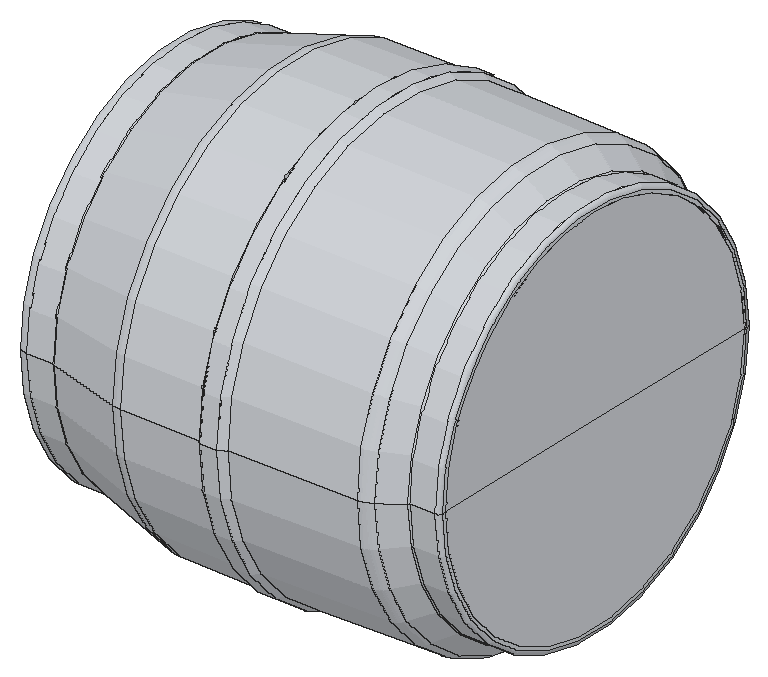
Revit family "BVN_BDTX", category Mechanical Equipment, Revit 2019
Family settings
  Round Connector Dimension = Use Diameter
  Part Type = Breaks Into
  OmniClass Number = 23.75.00.00
  OmniClass Title = Climate Control (HVAC)
  Work Plane-Based = No
  Always vertical = Yes
  Cut with Voids When Loaded = No
  Shared = No
  Room Calculation Point = No
Parameters (values of type "BDTX 355-A")
  Weight = 9.00 kg
  Voltage = 230 V
  URL = "http://www.bahcivanmotor.com.tr/"
  Speed ( d/d ) = 1650
  Sound Pressure Level dB(A) = 45
  Q = 355 mm
  Protection Class = 44
  Power = 165 W
  Model = "BDTX"
  Material = none
  Manufacturer = "Bahçıvan Elektrik Motor San. ve Tic. Ltd. Şti."
  Insulation Class = "F"
  Frequency = 50 Hz
  Description = "Duct Fan"
  D = 378 mm
  Capacitor = 3
  BDTX 355 = yes
  BDTX 315A = no
  BDTX 250A = no
  BDTX 200A = no
  BDTX 160 = no
  BDTX 150 = no
  BDTX 125 = no
  BDTX 100 = no
  Air Flow = 1530.0 m³/h
  Current = 0.73 A
Types (12, lengths in mm): name | Weight | Speed ( d/d ) | Sound Pressure Level dB(A) | Q | Power | Insulation Class | D | Capacitor | BDTX 355 | BDTX 315A | BDTX 250A | BDTX 200A | BDTX 160 | BDTX 150 | BDTX 125 | BDTX 100 | Air Flow | Current
  BDTX 100 | 2.60 kg | 2960 | 44 | 100 | 60 W | "B" | 197 | 2 | no | no | no | no | no | no | no | yes | 275.0 m³/h | 0.3 A
  BDTX 125 | 2.70 kg | 2325 | 43 | 125 | 80 W | "B" | 188 | 2.5 | no | no | no | no | no | no | yes | no | 315.0 m³/h | 0.4 A
  BDTX 150 | 3.00 kg | 2450 | 46 | 150 | 78 W | "B" | 192 | 2.5 | no | no | no | no | no | yes | no | no | 420.0 m³/h | 0.4 A
  BDTX 160 | 3.20 kg | 2550 | 45 | 160 | 85 W | "B" | 192 | 2.5 | no | no | no | no | yes | no | no | no | 440.0 m³/h | 0.4 A
  BDTX 200A | 4.40 kg | 2300 | 46 | 200 | 90 W | "B" | 230 | 2.5 | no | no | no | yes | no | no | no | no | 735.0 m³/h | 0.43 A
  BDTX 200B | 4.80 kg | 2720 | 48 | 200 | 130 W | "B" | 230 | 4 | no | no | no | yes | no | no | no | no | 935.0 m³/h | 0.68 A
  BDTX 250A | 4.90 kg | 2400 | 45 | 250 | 140 W | "B" | 227 | 4 | no | no | yes | no | no | no | no | no | 1010.0 m³/h | 0.69 A
  BDTX 250B | 5.30 kg | 2650 | 47 | 250 | 200 W | "B" | 227 | 6 | no | no | yes | no | no | no | no | no | 1150.0 m³/h | 1.04 A
  BDTX 315A | 6.80 kg | 2400 | 48 | 315 | 210 W | "B" | 285 | 6 | no | yes | no | no | no | no | no | no | 1450.0 m³/h | 1.1 A
  BDTX 315B | 6.90 kg | 2700 | 49 | 315 | 245 W | "B" | 285 | 7 | no | yes | no | no | no | no | no | no | 1890.0 m³/h | 1.23 A
  BDTX 355-A | 9.00 kg | 1650 | 45 | 355 | 165 W | "F" | 378 | 3 | yes | no | no | no | no | no | no | no | 1530.0 m³/h | 0.73 A
  BDTX 355-B | 9.00 kg | 2450 | 54 | 355 | 445 W | "F" | 378 | 8 | yes | no | no | no | no | no | no | no | 2620.0 m³/h | 1.94 A
Reference planes
  plane 1 "Center (Front/Back)": y = 0
  plane 2: z = 0
  plane 3 "Center (Left/Right)": x = 0
  plane 4: x = 378
Forms (mm)
  Revolve 1, solid, material <- "Material", visible <- "BDTX 100"
    sketch origin (-398.926, 0, 0) x (1, 0, 0) y (0, 1, 0)
      loop
        arc (432.244, -97.926) -> (444.495, -114.403) -> (464.046, -120.675) r 33.603
        line (464.046, -120.675) -> (489.75, -120.675) -> (492.75, -122.6) -> (550.276, -118.5)
        arc (550.276, -118.5) -> (558.854, -113.31) -> (562.751, -104.072) r 16.242
        line (562.751, -104.072) -> (563.651, -84.657)
        arc (563.651, -84.657) -> (566.176, -78.307) -> (571.878, -74.543) r 11.398
        arc (571.878, -74.543) -> (572.796, -73.927) -> (573.181, -72.892) r 1.8
        line (573.181, -72.892) -> (573.847, -57.711)
        arc (573.847, -57.711) -> (576.602, -51.441) -> (582.787, -48.5) r 9.813
        line (582.787, -48.5) -> (595.776, -48.5) -> (595.776, 0) -> (398.926, 0) -> (398.926, -48.5) -> (415.243, -48.5)
        arc (415.243, -48.5) -> (418.756, -49.759) -> (421.125, -52.642) r 7.015
        arc (421.125, -52.642) -> (422.424, -55.768) -> (423.23, -59.057) r 22.14
        arc (423.23, -59.057) -> (426.755, -78.719) -> (432.244, -97.926) r 197.855
      axis (398.926, 0) -> (595.776, 0)
    angle from 0 to 360
  Revolve 2, solid, material <- "Material", visible <- "BDTX 125"
    sketch origin (0, 0, 0) x (1, 0, 0) y (0, 1, 0)
      loop
        line (0, 0) -> (0, -61) -> (16.28, -61)
        arc (16.28, -61) -> (19.434, -62.137) -> (21.699, -64.609) r 7.013
        arc (21.699, -64.609) -> (22.877, -67.125) -> (23.73, -69.769) r 22.138
        arc (23.73, -69.769) -> (28.408, -85.406) -> (34.359, -100.604) r 197.857
        arc (34.359, -100.604) -> (46.752, -115.213) -> (65.114, -120.674) r 33.6
        line (65.114, -120.674) -> (90.824, -120.674) -> (93.824, -122.6) -> (151.35, -118.5)
        arc (151.35, -118.5) -> (160.532, -113.568) -> (164.825, -104.072) r 16.242
        line (164.825, -104.072) -> (165.725, -84.656)
        arc (165.725, -84.656) -> (168.25, -78.307) -> (173.953, -74.543) r 11.398
        arc (173.953, -74.543) -> (174.87, -73.927) -> (175.255, -72.892) r 1.8
        line (175.255, -72.892) -> (176.914, -63.48)
        arc (176.914, -63.48) -> (177.94, -61.701) -> (179.87, -61) r 3
        line (179.87, -61) -> (195.85, -61) -> (195.85, 0) -> (0, 0)
      axis (0, 0) -> (195.85, 0)
    angle from 0 to 360
  Revolve 3, solid, material <- "Material", visible <- "BDTX 150"
    sketch origin (0, 0, 0) x (1, 0, 0) y (0, 1, 0)
      loop
        line (0, 0) -> (0, -73.5) -> (18.301, -73.5)
        arc (18.301, -73.5) -> (21.17, -74.405) -> (23, -76.791) r 5
        line (23, -76.791) -> (37.775, -117.428)
        arc (37.775, -117.428) -> (46.928, -129.358) -> (61.269, -133.881) r 25
        line (61.269, -133.881) -> (94.769, -133.881) -> (95.688, -134.8) -> (110.925, -134.8) -> (112.773, -133.558) -> (146.29, -132.7)
        arc (146.29, -132.7) -> (160.497, -126.347) -> (166.32, -111.914) r 20.8
        line (166.32, -111.914) -> (166.32, -77.42)
        arc (166.32, -77.42) -> (167.884, -74.368) -> (171.202, -73.5) r 4.2
        line (171.202, -73.5) -> (185.51, -73.5)
        arc (185.51, -73.5) -> (189.249, -72.243) -> (191.32, -68.886) r 5.8
        line (191.32, -68.886) -> (191.32, 0) -> (0, 0)
      axis (0, 0) -> (191.32, 0)
    angle from 0 to 360
  Revolve 4, solid, material <- "Material", visible <- "BDTX 160"
    sketch origin (0, 0, 0) x (1, 0, 0) y (0, 1, 0)
      loop
        line (0, 0) -> (0, -78.064) -> (18.301, -78.064)
        arc (18.301, -78.064) -> (21.172, -78.971) -> (23.002, -81.361) r 5
        line (23.002, -81.361) -> (36.106, -117.391)
        arc (36.106, -117.391) -> (45.258, -129.337) -> (59.609, -133.866) r 25.002
        line (59.609, -133.866) -> (93.103, -133.866) -> (94.603, -135.364) -> (110.702, -134.6) -> (112.547, -133.36) -> (148.122, -132.5)
        arc (148.122, -132.5) -> (162.192, -126.207) -> (167.958, -111.914) r 20.6
        line (167.958, -111.914) -> (167.958, -82.615)
        arc (167.958, -82.615) -> (169.588, -79.419) -> (173.056, -78.5) r 4.4
        line (173.056, -78.5) -> (187.351, -78.5)
        arc (187.351, -78.5) -> (190.954, -77.294) -> (192.958, -74.065) r 5.6
        line (192.958, -74.065) -> (192.958, 0) -> (0, 0)
      axis (0, 0) -> (192.958, 0)
    angle from 0 to 360
  Revolve 5, solid, material <- "Material", visible <- "BDTX 200A"
    sketch origin (0, 0, 0) x (1, 0, 0) y (0, 1, 0)
      loop
        line (0, 0) -> (0, -99) -> (25.668, -99)
        arc (25.668, -99) -> (27.782, -99.468) -> (29.499, -100.786) r 5
        line (29.499, -100.786) -> (73.109, -152.758)
        arc (73.109, -152.758) -> (80.928, -158.973) -> (90.556, -161.63) r 25
        line (90.556, -161.63) -> (110.5, -163) -> (113.5, -166) -> (130.506, -165) -> (132.506, -162) -> (179.506, -160.359)
        arc (179.506, -160.359) -> (195.958, -153.398) -> (203.565, -137.234) r 25
        line (203.565, -137.234) -> (206.368, -99.851)
        arc (206.368, -99.851) -> (207.002, -98.534) -> (208.362, -98) r 2
        line (208.362, -98) -> (226.502, -98)
        arc (226.502, -98) -> (230.041, -96.537) -> (231.507, -93) r 5
        line (231.507, -93) -> (231.507, 0) -> (0, 0)
      axis (0, 0) -> (231.507, 0)
    angle from 0 to 360
  Revolve 6, solid, material <- "Material", visible <- "BDTX 250A"
    sketch origin (0, 0, 0) x (1, 0, 0) y (0, 1, 0)
      loop
        line (0, 0) -> (0, -123.5) -> (27.908, -123.5)
        arc (27.908, -123.5) -> (28.934, -123.681) -> (29.836, -124.202) r 3
        line (29.836, -124.202) -> (67.857, -156.105)
        arc (67.857, -156.105) -> (75.41, -160.554) -> (84, -162.302) r 26.556
        line (84, -162.302) -> (104, -163) -> (107.575, -166) -> (123.978, -165) -> (126.978, -162) -> (178.332, -160.207)
        arc (178.332, -160.207) -> (190.755, -155.313) -> (197.33, -143.692) r 20
        line (197.33, -143.692) -> (200.542, -125.483)
        arc (200.542, -125.483) -> (201.567, -123.703) -> (203.497, -123) r 3.001
        line (203.497, -123) -> (223.012, -123)
        arc (223.012, -123) -> (225.841, -121.828) -> (227.012, -119) r 4
        line (227.012, -119) -> (227.012, 0) -> (0, 0)
      axis (0, 0) -> (227.012, 0)
    angle from 0 to 360
  Revolve 7, solid, material <- "Material", visible <- "BDTX 315A"
    sketch origin (0, 0, 0) x (1, 0, 0) y (0, 1, 0)
      loop
        line (0, 0) -> (0, -155) -> (28.21, -155)
        arc (28.21, -155) -> (28.978, -155.099) -> (29.695, -155.392) r 3
        line (29.695, -155.392) -> (95.892, -192.902)
        arc (95.892, -192.902) -> (102.705, -195.725) -> (110, -196.802) r 30
        line (110, -196.802) -> (140, -197.5) -> (143, -200) -> (158, -199) -> (161, -196) -> (226.012, -194.206)
        arc (226.012, -194.206) -> (236.347, -190.984) -> (243.489, -182.848) r 20
        line (243.489, -182.848) -> (256.001, -156.705)
        arc (256.001, -156.705) -> (257.108, -155.462) -> (258.707, -155) r 3
        line (258.707, -155) -> (280.5, -155)
        arc (280.5, -155) -> (283.328, -153.828) -> (284.5, -151) r 4
        line (284.5, -151) -> (284.5, 0) -> (0, 0)
      axis (0, 0) -> (284.5, 0)
    angle from 0 to 360
  Revolve 8, solid, material <- "Material", visible <- "BDTX 355"
    sketch origin (0, 0, 0) x (1, 0, 0) y (0, 1, 0)
      loop
        line (198, -200) -> (204, -196) -> (319.512, -194.207)
        arc (319.512, -194.207) -> (325.943, -193.034) -> (331.652, -189.851) r 20
        line (331.652, -189.851) -> (349.5, -175.652)
        arc (349.5, -175.652) -> (350.379, -175.168) -> (351.368, -175) r 3
        line (351.368, -175) -> (374.005, -175)
        arc (374.005, -175) -> (376.791, -173.865) -> (377.998, -171.108) r 4
        arc (377.998, -171.108) -> (378.028, -169.623) -> (378.038, -168.138) r 110
        line (378.038, -168.138) -> (378.038, 0) -> (0, 0) -> (0, -173.999)
        arc (0, -173.999) -> (3.467, -174.749) -> (7.005, -175) r 25.001
        line (7.005, -175) -> (30, -175)
        arc (30, -175) -> (30.427, -175.031) -> (30.846, -175.122) r 3
        line (30.846, -175.122) -> (100.881, -195.598)
        arc (100.881, -195.598) -> (104.899, -196.479) -> (109, -196.802) r 30
        line (109, -196.802) -> (179, -197.5) -> (182, -200) -> (198, -200)
      axis (378.038, 0) -> (0, 0)
    angle from 0 to 360
Dimensions and locks
  "D": plane 4 to plane 3 "Center (Left/Right)"
  aligned and locked: level to plane 2
  aligned and locked: connector elem to plane 1 "Center (Front/Back)"
Automatic sketch dimensions
  plane 1 "Center (Front/Back)" to Revolve 1 sketch curve = 0 mm  (x2)
  Revolve 1 sketch curve to plane 3 "Center (Left/Right)" = 0 mm
  plane 3 "Center (Left/Right)" to Revolve 1 sketch curve = 2.461 mm
  Revolve 1 sketch curve to Revolve 1 sketch curve = 13.33 mm
  Revolve 1 sketch curve to Revolve 1 sketch curve = 0.526 mm
  plane 3 "Center (Left/Right)" to Revolve 1 sketch curve = 65.12 mm
  Revolve 1 sketch curve to Revolve 1 sketch curve = 25.704 mm
  Revolve 1 sketch curve to Revolve 1 sketch curve = 3 mm
  Revolve 1 sketch curve to Revolve 1 sketch curve = 53.818 mm
  Revolve 1 sketch curve to Revolve 1 sketch curve = 3.708 mm
  Revolve 1 sketch curve to Revolve 1 sketch curve = 16.183 mm
  Revolve 1 sketch curve to Revolve 1 sketch curve = 0.9 mm
  Revolve 1 sketch curve to Revolve 1 sketch curve = 7.732 mm
  Revolve 1 sketch curve to Revolve 1 sketch curve = 2.464 mm
  Revolve 1 sketch curve to Revolve 1 sketch curve = 11.367 mm
  Revolve 1 sketch curve to Revolve 1 sketch curve = 8.941 mm
  Revolve 1 sketch curve to Revolve 1 sketch curve = 9.797 mm
  Revolve 1 sketch curve to Revolve 1 sketch curve = 12.988 mm
  Revolve 1 sketch curve to Revolve 1 sketch curve = 23.719 mm
  plane 1 "Center (Front/Back)" to Revolve 1 sketch curve = 34.021 mm
  Revolve 1 sketch curve to Revolve 1 sketch curve = 48.5 mm
  Revolve 1 sketch curve to Revolve 1 sketch curve = 14.479 mm
  Revolve 1 sketch curve to Revolve 1 sketch curve = 6.995 mm
  Revolve 1 sketch curve to Revolve 1 sketch curve = 9.211 mm
  Revolve 1 sketch curve to Revolve 1 sketch curve = 14.17 mm
  Revolve 1 sketch curve to Revolve 1 sketch curve = 15.102 mm
  Revolve 1 sketch curve to Revolve 1 sketch curve = 11.844 mm
  Revolve 1 sketch curve to Revolve 1 sketch curve = 0.844 mm
  Revolve 1 sketch curve to Revolve 1 sketch curve = 31.578 mm
  Revolve 1 sketch curve to Revolve 1 sketch curve = 18.03 mm
  Revolve 1 sketch curve to Revolve 1 sketch curve = 1.384 mm
  Revolve 1 sketch curve to Revolve 1 sketch curve = 33.603 mm
  Revolve 1 sketch curve to Revolve 1 sketch curve = 1.925 mm
  Revolve 1 sketch curve to Revolve 1 sketch curve = 140 mm
  Revolve 1 sketch curve to Revolve 1 sketch curve = 6.408 mm
  Revolve 1 sketch curve to Revolve 1 sketch curve = 2.105 mm
  Revolve 1 sketch curve to Revolve 1 sketch curve = 0 mm  (x3)
  Revolve 1 sketch curve to Revolve 1 sketch curve = 1.798 mm
  plane 4 to Revolve 1 sketch curve = 143.446 mm
  plane 1 "Center (Front/Back)" to Revolve 2 sketch curve = 0 mm  (x2)
  Revolve 2 sketch curve to plane 3 "Center (Left/Right)" = 0 mm
  plane 3 "Center (Left/Right)" to Revolve 2 sketch curve = 2.277 mm
  Revolve 2 sketch curve to Revolve 2 sketch curve = 13.269 mm
  Revolve 2 sketch curve to Revolve 2 sketch curve = 0.733 mm
  Revolve 2 sketch curve to Revolve 2 sketch curve = 49.568 mm
  Revolve 2 sketch curve to Revolve 2 sketch curve = 25.71 mm
  Revolve 2 sketch curve to Revolve 2 sketch curve = 3 mm
  Revolve 2 sketch curve to Revolve 2 sketch curve = 54.837 mm
  Revolve 2 sketch curve to Revolve 2 sketch curve = 2.689 mm
  Revolve 2 sketch curve to Revolve 2 sketch curve = 16.164 mm
  Revolve 2 sketch curve to Revolve 2 sketch curve = 0.9 mm
  Revolve 2 sketch curve to Revolve 2 sketch curve = 7.732 mm
  Revolve 2 sketch curve to Revolve 2 sketch curve = 1.798 mm
  Revolve 2 sketch curve to Revolve 2 sketch curve = 1.658 mm
  Revolve 2 sketch curve to Revolve 2 sketch curve = 11.367 mm
  Revolve 2 sketch curve to Revolve 2 sketch curve = 2.955 mm
  Revolve 2 sketch curve to Revolve 2 sketch curve = 0.002 mm
  Revolve 2 sketch curve to Revolve 2 sketch curve = 15.98 mm
  Revolve 2 sketch curve to Revolve 2 sketch curve = 19.614 mm
  plane 1 "Center (Front/Back)" to Revolve 2 sketch curve = 20.928 mm
  Revolve 2 sketch curve to Revolve 2 sketch curve = 61 mm
  Revolve 2 sketch curve to Revolve 2 sketch curve = 40.072 mm
  Revolve 2 sketch curve to Revolve 2 sketch curve = 2.48 mm
  Revolve 2 sketch curve to Revolve 2 sketch curve = 6.975 mm
  Revolve 2 sketch curve to Revolve 2 sketch curve = 9.333 mm
  Revolve 2 sketch curve to Revolve 2 sketch curve = 0.079 mm
  Revolve 2 sketch curve to Revolve 2 sketch curve = 14.233 mm
  Revolve 2 sketch curve to Revolve 2 sketch curve = 11.844 mm
  Revolve 2 sketch curve to Revolve 2 sketch curve = 0.844 mm
  Revolve 2 sketch curve to Revolve 2 sketch curve = 22.465 mm
  Revolve 2 sketch curve to Revolve 2 sketch curve = 17.826 mm
  Revolve 2 sketch curve to Revolve 2 sketch curve = 1.589 mm
  Revolve 2 sketch curve to Revolve 2 sketch curve = 33.6 mm
  Revolve 2 sketch curve to Revolve 2 sketch curve = 1.926 mm
  Revolve 2 sketch curve to Revolve 2 sketch curve = 120 mm
  Revolve 2 sketch curve to Revolve 2 sketch curve = 0 mm  (x4)
  plane 4 to Revolve 2 sketch curve = 87.968 mm
  plane 1 "Center (Front/Back)" to Revolve 3 sketch curve = 0 mm  (x2)
  Revolve 3 sketch curve to plane 3 "Center (Left/Right)" = 0 mm
  plane 3 "Center (Left/Right)" to Revolve 3 sketch curve = 18.301 mm
  Revolve 3 sketch curve to Revolve 3 sketch curve = 0 mm
  Revolve 3 sketch curve to Revolve 3 sketch curve = 4.699 mm
  plane 3 "Center (Left/Right)" to Revolve 3 sketch curve = 37.775 mm
  Revolve 3 sketch curve to Revolve 3 sketch curve = 23.494 mm
  Revolve 3 sketch curve to Revolve 3 sketch curve = 33.5 mm
  Revolve 3 sketch curve to Revolve 3 sketch curve = 0.919 mm
  Revolve 3 sketch curve to Revolve 3 sketch curve = 15.237 mm
  Revolve 3 sketch curve to Revolve 3 sketch curve = 1.848 mm
  Revolve 3 sketch curve to Revolve 3 sketch curve = 32.747 mm
  Revolve 3 sketch curve to Revolve 3 sketch curve = 0.771 mm
  Revolve 3 sketch curve to Revolve 3 sketch curve = 20.8 mm
  Revolve 3 sketch curve to Revolve 3 sketch curve = 4.194 mm
  Revolve 3 sketch curve to Revolve 3 sketch curve = 0.688 mm
  Revolve 3 sketch curve to Revolve 3 sketch curve = 14.308 mm
  Revolve 3 sketch curve to Revolve 3 sketch curve = 0.132 mm
  Revolve 3 sketch curve to Revolve 3 sketch curve = 5.678 mm
  plane 1 "Center (Front/Back)" to Revolve 3 sketch curve = 67.701 mm
  Revolve 3 sketch curve to Revolve 3 sketch curve = 1.184 mm
  plane 1 "Center (Front/Back)" to Revolve 3 sketch curve = 73.5 mm
  Revolve 3 sketch curve to Revolve 3 sketch curve = 3.291 mm
  Revolve 3 sketch curve to Revolve 3 sketch curve = 3.92 mm
  Revolve 3 sketch curve to Revolve 3 sketch curve = 32.089 mm
  Revolve 3 sketch curve to Revolve 3 sketch curve = 34.494 mm
  Revolve 3 sketch curve to Revolve 3 sketch curve = 8.547 mm
  Revolve 3 sketch curve to Revolve 3 sketch curve = 0.322 mm
  Revolve 3 sketch curve to Revolve 3 sketch curve = 1.242 mm
  Revolve 3 sketch curve to plane 3 "Center (Left/Right)" = 215 mm
  Revolve 3 sketch curve to Revolve 3 sketch curve = 93.68 mm
  plane 1 "Center (Front/Back)" to Revolve 4 sketch curve = 0 mm  (x2)
  Revolve 4 sketch curve to plane 3 "Center (Left/Right)" = 0 mm
  plane 3 "Center (Left/Right)" to Revolve 4 sketch curve = 18.301 mm
  Revolve 4 sketch curve to Revolve 4 sketch curve = 0 mm
  Revolve 4 sketch curve to Revolve 4 sketch curve = 4.701 mm
  plane 3 "Center (Left/Right)" to Revolve 4 sketch curve = 36.106 mm
  Revolve 4 sketch curve to Revolve 4 sketch curve = 23.503 mm
  Revolve 4 sketch curve to Revolve 4 sketch curve = 33.494 mm
  Revolve 4 sketch curve to Revolve 4 sketch curve = 1.5 mm
  Revolve 4 sketch curve to Revolve 4 sketch curve = 16.099 mm
  Revolve 4 sketch curve to Revolve 4 sketch curve = 1.845 mm
  Revolve 4 sketch curve to Revolve 4 sketch curve = 34.811 mm
  Revolve 4 sketch curve to Revolve 4 sketch curve = 0.764 mm
  Revolve 4 sketch curve to Revolve 4 sketch curve = 20.6 mm
  Revolve 4 sketch curve to Revolve 4 sketch curve = 4.394 mm
  Revolve 4 sketch curve to Revolve 4 sketch curve = 0.705 mm
  Revolve 4 sketch curve to Revolve 4 sketch curve = 14.294 mm
  Revolve 4 sketch curve to Revolve 4 sketch curve = 0.129 mm
  Revolve 4 sketch curve to Revolve 4 sketch curve = 5.478 mm
  plane 1 "Center (Front/Back)" to Revolve 4 sketch curve = 72.901 mm
  Revolve 4 sketch curve to Revolve 4 sketch curve = 1.163 mm
  plane 1 "Center (Front/Back)" to Revolve 4 sketch curve = 78.064 mm
  Revolve 4 sketch curve to Revolve 4 sketch curve = 3.297 mm
  Revolve 4 sketch curve to Revolve 4 sketch curve = 4.115 mm
  Revolve 4 sketch curve to Revolve 4 sketch curve = 27.503 mm
  Revolve 4 sketch curve to Revolve 4 sketch curve = 29.299 mm
  Revolve 4 sketch curve to Revolve 4 sketch curve = 8.528 mm
  Revolve 4 sketch curve to Revolve 4 sketch curve = 0.506 mm
  Revolve 4 sketch curve to Revolve 4 sketch curve = 1.24 mm
  Revolve 4 sketch curve to Revolve 4 sketch curve = 1.499 mm
  Revolve 4 sketch curve to plane 3 "Center (Left/Right)" = 220 mm
  Revolve 4 sketch curve to Revolve 4 sketch curve = 67.042 mm
  plane 1 "Center (Front/Back)" to Revolve 5 sketch curve = 0 mm  (x2)
  Revolve 5 sketch curve to plane 3 "Center (Left/Right)" = 0 mm
  plane 3 "Center (Left/Right)" to Revolve 5 sketch curve = 25.668 mm
  Revolve 5 sketch curve to Revolve 5 sketch curve = 0 mm
  Revolve 5 sketch curve to Revolve 5 sketch curve = 3.83 mm
  Revolve 5 sketch curve to Revolve 5 sketch curve = 43.61 mm
  Revolve 5 sketch curve to Revolve 5 sketch curve = 17.448 mm
  Revolve 5 sketch curve to Revolve 5 sketch curve = 1.703 mm
  Revolve 5 sketch curve to Revolve 5 sketch curve = 19.944 mm
  Revolve 5 sketch curve to Revolve 5 sketch curve = 3 mm  (x3)
  Revolve 5 sketch curve to Revolve 5 sketch curve = 17.006 mm
  Revolve 5 sketch curve to Revolve 5 sketch curve = 2 mm
  Revolve 5 sketch curve to Revolve 5 sketch curve = 46.128 mm
  Revolve 5 sketch curve to Revolve 5 sketch curve = 0.872 mm
  Revolve 5 sketch curve to Revolve 5 sketch curve = 24.931 mm
  plane 1 "Center (Front/Back)" to Revolve 5 sketch curve = 99.851 mm
  Revolve 5 sketch curve to Revolve 5 sketch curve = 2.803 mm
  Revolve 5 sketch curve to Revolve 5 sketch curve = 1.994 mm
  Revolve 5 sketch curve to Revolve 5 sketch curve = 18.14 mm
  Revolve 5 sketch curve to Revolve 5 sketch curve = 0.005 mm
  Revolve 5 sketch curve to Revolve 5 sketch curve = 5 mm
  Revolve 5 sketch curve to Revolve 5 sketch curve = 0.15 mm
  plane 1 "Center (Front/Back)" to Revolve 5 sketch curve = 100.786 mm
  Revolve 5 sketch curve to Revolve 5 sketch curve = 3.214 mm
  Revolve 5 sketch curve to Revolve 5 sketch curve = 35.523 mm
  Revolve 5 sketch curve to Revolve 5 sketch curve = 35.903 mm
  Revolve 5 sketch curve to Revolve 5 sketch curve = 1.86 mm
  Revolve 5 sketch curve to Revolve 5 sketch curve = 16.07 mm
  Revolve 5 sketch curve to Revolve 5 sketch curve = 0.37 mm
  Revolve 5 sketch curve to Revolve 5 sketch curve = 1.37 mm
  Revolve 5 sketch curve to plane 3 "Center (Left/Right)" = 280 mm
  Revolve 5 sketch curve to Revolve 5 sketch curve = 108.493 mm
  plane 1 "Center (Front/Back)" to Revolve 6 sketch curve = 0 mm  (x2)
  Revolve 6 sketch curve to plane 3 "Center (Left/Right)" = 0 mm
  plane 3 "Center (Left/Right)" to Revolve 6 sketch curve = 27.908 mm
  Revolve 6 sketch curve to Revolve 6 sketch curve = 0 mm  (x2)
  Revolve 6 sketch curve to Revolve 6 sketch curve = 1.928 mm
  Revolve 6 sketch curve to Revolve 6 sketch curve = 38.02 mm
  Revolve 6 sketch curve to Revolve 6 sketch curve = 16.143 mm
  Revolve 6 sketch curve to Revolve 6 sketch curve = 0.927 mm
  Revolve 6 sketch curve to Revolve 6 sketch curve = 20 mm
  Revolve 6 sketch curve to Revolve 6 sketch curve = 3.575 mm
  Revolve 6 sketch curve to Revolve 6 sketch curve = 16.403 mm
  Revolve 6 sketch curve to Revolve 6 sketch curve = 3 mm  (x3)
  Revolve 6 sketch curve to Revolve 6 sketch curve = 50.655 mm
  Revolve 6 sketch curve to Revolve 6 sketch curve = 0.698 mm  (x2)
  Revolve 6 sketch curve to Revolve 6 sketch curve = 19.696 mm
  plane 1 "Center (Front/Back)" to Revolve 6 sketch curve = 125.483 mm
  Revolve 6 sketch curve to Revolve 6 sketch curve = 3.212 mm
  Revolve 6 sketch curve to Revolve 6 sketch curve = 2.956 mm
  Revolve 6 sketch curve to Revolve 6 sketch curve = 19.515 mm
  Revolve 6 sketch curve to Revolve 6 sketch curve = 4 mm
  Revolve 6 sketch curve to Revolve 6 sketch curve = 0.518 mm
  plane 1 "Center (Front/Back)" to Revolve 6 sketch curve = 126.5 mm
  Revolve 6 sketch curve to Revolve 6 sketch curve = 9.262 mm
  Revolve 6 sketch curve to Revolve 6 sketch curve = 14.736 mm
  Revolve 6 sketch curve to Revolve 6 sketch curve = 18.209 mm
  Revolve 6 sketch curve to Revolve 6 sketch curve = 20.343 mm
  Revolve 6 sketch curve to Revolve 6 sketch curve = 0.302 mm
  Revolve 6 sketch curve to Revolve 6 sketch curve = 2.298 mm
  Revolve 6 sketch curve to plane 3 "Center (Left/Right)" = 220 mm
  Revolve 6 sketch curve to Revolve 6 sketch curve = 132.988 mm
  plane 1 "Center (Front/Back)" to Revolve 7 sketch curve = 0 mm  (x2)
  Revolve 7 sketch curve to plane 3 "Center (Left/Right)" = 0 mm
  plane 3 "Center (Left/Right)" to Revolve 7 sketch curve = 28.21 mm
  Revolve 7 sketch curve to Revolve 7 sketch curve = 0.003 mm
  Revolve 7 sketch curve to Revolve 7 sketch curve = 1.485 mm
  Revolve 7 sketch curve to Revolve 7 sketch curve = 66.197 mm
  Revolve 7 sketch curve to Revolve 7 sketch curve = 14.108 mm
  Revolve 7 sketch curve to Revolve 7 sketch curve = 14.806 mm
  Revolve 7 sketch curve to Revolve 7 sketch curve = 30 mm
  Revolve 7 sketch curve to Revolve 7 sketch curve = 3 mm  (x3)
  Revolve 7 sketch curve to Revolve 7 sketch curve = 15 mm
  Revolve 7 sketch curve to Revolve 7 sketch curve = 64.448 mm
  Revolve 7 sketch curve to Revolve 7 sketch curve = 0.563 mm
  Revolve 7 sketch curve to Revolve 7 sketch curve = 18.041 mm
  plane 1 "Center (Front/Back)" to Revolve 7 sketch curve = 156.705 mm
  Revolve 7 sketch curve to Revolve 7 sketch curve = 12.512 mm
  Revolve 7 sketch curve to Revolve 7 sketch curve = 2.706 mm
  Revolve 7 sketch curve to Revolve 7 sketch curve = 21.793 mm
  Revolve 7 sketch curve to Revolve 7 sketch curve = 0 mm
  Revolve 7 sketch curve to Revolve 7 sketch curve = 4 mm
  plane 1 "Center (Front/Back)" to Revolve 7 sketch curve = 158 mm
  Revolve 7 sketch curve to Revolve 7 sketch curve = 1.295 mm
  Revolve 7 sketch curve to Revolve 7 sketch curve = 8.81 mm
  Revolve 7 sketch curve to Revolve 7 sketch curve = 17.509 mm
  Revolve 7 sketch curve to Revolve 7 sketch curve = 8.634 mm
  Revolve 7 sketch curve to Revolve 7 sketch curve = 26.092 mm
  Revolve 7 sketch curve to Revolve 7 sketch curve = 0.802 mm
  Revolve 7 sketch curve to Revolve 7 sketch curve = 1.5 mm
  Revolve 7 sketch curve to Revolve 7 sketch curve = 2.5 mm
  Revolve 7 sketch curve to Revolve 7 sketch curve = 2.608 mm
  Revolve 7 sketch curve to plane 3 "Center (Left/Right)" = 244.538 mm
  Revolve 7 sketch curve to Revolve 7 sketch curve = 72.5 mm
  plane 3 "Center (Left/Right)" to Revolve 8 sketch curve = 7.005 mm
  Revolve 8 sketch curve to Revolve 8 sketch curve = 22.995 mm
  Revolve 8 sketch curve to Revolve 8 sketch curve = 0 mm
  Revolve 8 sketch curve to Revolve 8 sketch curve = 0.846 mm
  Revolve 8 sketch curve to Revolve 8 sketch curve = 70.035 mm
  Revolve 8 sketch curve to Revolve 8 sketch curve = 8.119 mm
  Revolve 8 sketch curve to Revolve 8 sketch curve = 8.419 mm
  Revolve 8 sketch curve to Revolve 8 sketch curve = 70 mm
  Revolve 8 sketch curve to Revolve 8 sketch curve = 3 mm
  Revolve 8 sketch curve to Revolve 8 sketch curve = 16 mm
  Revolve 8 sketch curve to Revolve 8 sketch curve = 6 mm
  Revolve 8 sketch curve to Revolve 8 sketch curve = 64.038 mm
  Revolve 8 sketch curve to Revolve 8 sketch curve = 51.151 mm
  Revolve 8 sketch curve to Revolve 8 sketch curve = 0.322 mm
  Revolve 8 sketch curve to Revolve 8 sketch curve = 12.141 mm
  plane 1 "Center (Front/Back)" to Revolve 8 sketch curve = 175.652 mm
  Revolve 8 sketch curve to Revolve 8 sketch curve = 17.847 mm
  Revolve 8 sketch curve to Revolve 8 sketch curve = 1.868 mm
  Revolve 8 sketch curve to Revolve 8 sketch curve = 22.632 mm
  Revolve 8 sketch curve to Revolve 8 sketch curve = 0.005 mm
  Revolve 8 sketch curve to Revolve 8 sketch curve = 4.038 mm
  Revolve 8 sketch curve to Revolve 8 sketch curve = 2.348 mm
  plane 1 "Center (Front/Back)" to Revolve 8 sketch curve = 178 mm
  Revolve 8 sketch curve to Revolve 8 sketch curve = 14.199 mm
  Revolve 8 sketch curve to Revolve 8 sketch curve = 4.355 mm
  Revolve 8 sketch curve to Revolve 8 sketch curve = 17.597 mm
  Revolve 8 sketch curve to Revolve 8 sketch curve = 0.402 mm
  Revolve 8 sketch curve to Revolve 8 sketch curve = 1.204 mm
  Revolve 8 sketch curve to Revolve 8 sketch curve = 1.5 mm
  Revolve 8 sketch curve to Revolve 8 sketch curve = 4 mm  (x2)
  Revolve 8 sketch curve to Revolve 8 sketch curve = 2.878 mm
  Revolve 8 sketch curve to Revolve 8 sketch curve = 1.001 mm
  Revolve 8 sketch curve to Revolve 8 sketch curve = 2.862 mm
  Revolve 8 sketch curve to plane 1 "Center (Front/Back)" = 0 mm
  Revolve 8 sketch curve to plane 3 "Center (Left/Right)" = 0 mm
Connectors
  hvac at (0, 0, 0), driven by "Q"
    settings: on Revolve 1, index 1, duct flow 0.0 m³/h, flow factor 0, pres drop 0.0 Pa, loss coef 0, conn angle 0.00°, conn width 304.8 mm, conn height 304.8 mm, conn diameter 355 mm, duct sys type 1, conn prof type 0, flow config 0, flow direction 0, loss method 0, conn ref index -1, conn util no, is conn primary yes, conn desc ""
  hvac at (378, 0, 0), driven by "Q"
    settings: on plane 4, index 2, duct flow 0.0 m³/h, flow factor 0, pres drop 0.0 Pa, loss coef 0, conn angle 0.00°, conn width 304.8 mm, conn height 304.8 mm, conn diameter 355 mm, duct sys type 1, conn prof type 0, flow config 0, flow direction 0, loss method 0, conn ref index -1, conn util no, is conn primary no, conn desc ""
